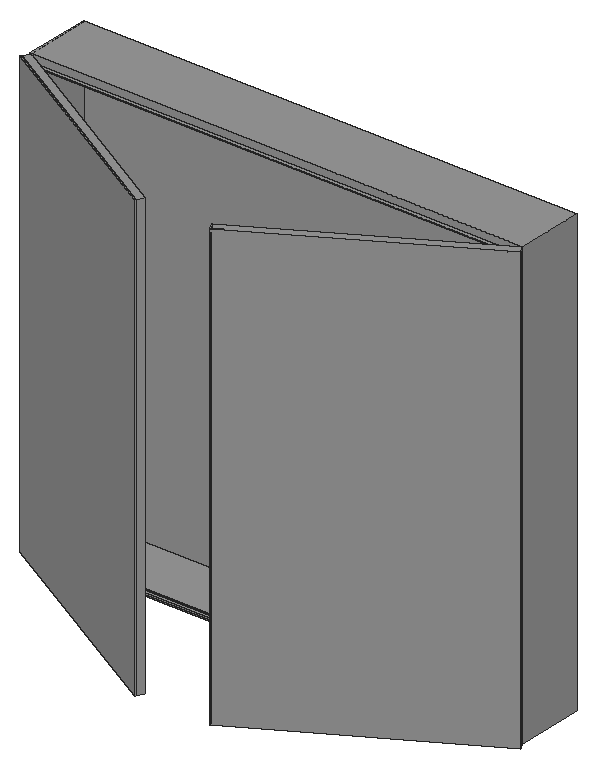
Revit family "Hager-Univers-IP44-D161-H950-Cl.II-FWQ_encl_QS-NoHosted-AT-de", category Equipement électrique, Revit 2020
Family settings
  Configuration du panneau = Deux colonnes, circuits au sein
  Cote de connecteur circulaire = Utiliser le diamètre
  Type d'élément = Tableau de raccordement
  Basée sur le plan de construction = Oui
  Toujours verticalement = Oui
  Couper avec des vides une fois chargée = Non
  Partagée = Non
  Point de calcul de pièce = Non
Parameters (values of type "Aufputz IP44 B1050 H950 T161  - FWQ64N")
  Width Control [instance] = if([EF000008 - Breite] > Min Width, [EF000008 - Breite], Min Width)  # 1050 mm
  Commentaires du type = [HG000003 - Bereich]  # "Univers"
  Thickness Door [instance] = if([EF009171 - Materialstärke Tür/Deckel] > 3 mm, 3 mm, [EF009171 - Materialstärke Tür/Deckel])  # 2 mm
  Seal Frame Offset [instance] = 17 mm  # constant formula
  Plinth Visibility [instance] = [HG000027 - Sockelhöhe] > 0 mm  # no
  Min Width [instance] = 100 mm  # constant formula
  Min Depth [instance] = (2 * [EF009170 - Materialstärke Gehäuse]) + 1 mm  # 5 mm
  Min Height [instance] = 100 mm  # constant formula
  Internal Frame Depth [instance] = (Door System Depth * 0.5)  # 9 mm
  Panel Name [instance] = ""  # (empty or 0)
  Model = ""
  HG000027 - Sockelhöhe = 0 mm
  HG000026 - Stehend auf dem Boden = no
  HG000024 - Höhe des unteren Teils = 600 mm
  HG000023 - Gehäuse mit doppeltem Querschnitt = no
  HG000016 - 3D-Türsichtbarkeit [instance] = yes
  HG000015 - Sichtbarkeit der Türöffnung [instance] = no
  HG000014 - Tür rechts [instance] = yes
  HG000013 - Tür links [instance] = not([HG000014 - Tür rechts])  # no
  HG000012 - Türschwenkwinkel [instance] = 30.00°
  HG000010 - Asymmetrische Türen = no
  HG000009 - Doppelflügeligen Tür = yes
  HG000006 - Unterputz = no
  HG000004 - Herstellerreferenz = "FWQ64N"
  HG000003 - Bereich = "Univers"
  HG000002 - Mit tür = yes
  Frame Offset Bottom [instance] = 10 mm  # constant formula
  Frame Offset [instance] = 15 mm  # constant formula
  EF015940 - Deckel mit Überdruckentlastung = no
  EF011959 - Schutzart (NEMA) = ""
  EF009554 - Anzahl der Öffnungen für Flanschplatten = 8
  EF009212 - Ausführung Deckel = "EV009916 - mit Ausschnitt"
  EF009171 - Materialstärke Tür/Deckel = 2 mm
  EF009170 - Materialstärke Gehäuse = 2 mm
  EF008873 - Nennstrom (In) = 125 A
  EF007800 - Geeignet für Blitzschutz = no
  EF006306 - Mit Schloss = no
  EF006244 - Transparenter Deckel/Tür = no
  EF005474 - Schutzart (IP) = "EV006418 - IP44"
  EF004464 - Art der Tür = "EV002646 - Einzel"
  EF004427 - Anzahl der Module = 192
  EF004293 - Schlagfestigkeit = "EV006815 - IK09"
  EF003532 - Geeignet für Außengebrauch = no
  EF002950 - Breite in Teilungseinheiten = 48
  EF001613 - Funktionserhalt = "EV000494 - ohne"
  EF001596 - Werkstoff des Gehäuses = "EV000179 - Stahl"
  EF001131 - Innentiefe = 161 mm
  EF001088 - Anbaumöglichkeit = yes
  EF000437 - Anzahl der Leitungseinführungen = 16
  EF000339 - Art der Abdeckung = "EV001012 - Deckel"
  EF000266 - Anzahl der Reihen = 4
  EF000218 - Einbautiefe = 0 mm
  EF000118 - Mit Montageplatte = yes
  EF000116 - RAL-Nummer = "9010"
  EF000049 - Tiefe = 161 mm
  EF000040 - Höhe = 950 mm
  EF000008 - Breite = 1050 mm
  EF000007 - Farbe = "EV000202 - weiß"
  EF000003 - Montageart = "EV000384 - Aufputz"
  Door System Leaf Tolerance [instance] = 1.5 mm  # constant formula
  Door System Depth [instance] = 18 mm  # constant formula
  Door Height [instance] = Height Control - [HG000027 - Sockelhöhe]  # 950 mm
  Description = ""
  Default Elevation = 1219.2 mm
  Connector Offset [instance] = Height Control / 2  # 475 mm
  Fabricant = "Hager"  # constant formula
  Height Control [instance] = if([EF000040 - Höhe] > Min Height, [EF000040 - Höhe], Min Height)  # 950 mm
  Depth Control [instance] = if([EF000049 - Tiefe] > Min Depth, [EF000049 - Tiefe], Min Depth)  # 161 mm
  Bottom Top Plate Trim [instance] = 1.5 mm  # constant formula
  Plinth height Ctrl [instance] = if([HG000027 - Sockelhöhe] > 0 mm, [HG000027 - Sockelhöhe], 12 mm)  # 12 mm
Reference planes
  plane 1 "Center (Front/Back)": y = 0
  plane 2: z = 0
  plane 3 "Center (Left/Right)": x = 0
  plane 4: y = 0
  plane 5: y = 0
  plane 6: z = 0
  plane 7: x = -525
  plane 8: x = 525
  plane 9: x = 523
  plane 10: x = -523
  plane 11: z = 0
  plane 12: z = 2
  plane 13: y = -161
  plane 14: y = -2
  plane 15: x = 0
  plane 16: y = -143
  plane 17: y = -159
  plane 18: y = -141
  plane 19: x = -508
  plane 20: x = 508
  plane 21: z = 12
  plane 22: x = -508
  plane 23: x = 508
  plane 24: z = 0
  plane 25: z = 950
  plane 26: z = 950
  plane 27: z = 933
  plane 28: z = 948
Forms (mm)
  Extrusion 1, solid, material "Hager_Steel_RAL7035_Light_Grey", detail levels medium+fine
    sketch origin (-208.679, -4572, 0) x (-1, 0, 0) y (0, -1, 0)
      loop
        line (316.321, -4429) -> (-733.679, -4429) -> (-733.679, -4572) -> (316.321, -4572) -> (316.321, -4429)
    from 0 to 950
  Extrusion 2, void
    sketch origin (-350.771, -161, 1219.2) x (1, 0, 0) y (0, 0, 1)
      loop
        line (-172.229, -271.2) -> (-172.229, -1217.2) -> (873.771, -1217.2) -> (873.771, -271.2) -> (-172.229, -271.2)
    from -20 to -159
  Extrusion 3, void
    sketch origin (-290.084, -143, 1219.2) x (1, 0, 0) y (0, 0, 1)
      loop
        line (-217.916, -1207.2) -> (798.084, -1207.2) -> (798.084, -286.2) -> (-217.916, -286.2) -> (-217.916, -1207.2)
    from 0 to -2
  Extrusion 4, solid, material "Hager_Steel_RAL7035_Light_Grey", visible <- "Plinth Visibility", detail levels medium+fine
    sketch origin (0, 0, 0) x (1, 0, 0) y (0, 1, 0)
      loop
        line (-525, 0) -> (-525, -143) -> (525, -143) -> (525, 0) -> (-525, 0)
    from 0 to 12 <- "Plinth height Ctrl"
  Extrusion 5, solid, material "Hager_Steel_RAL7035_Light_Grey", detail levels coarse
    sketch origin (0, 0, 0) x (1, 0, 0) y (0, 1, 0)
      loop
        line (-525, 0) -> (-525, -161) -> (525, -161) -> (525, 0) -> (-525, 0)
    from 0 to 950 <- "Height Control"
  Sweep 6, void
    path in 3D
      loop
        line (-525, -143, 12) -> (525, -143, 12) -> (525, 0, 12) -> (-525, 0, 12) -> (-525, -143, 12)
    profile origin (-525, -71.5, 12) x (1, 0, 0) y (0, 0, 1)
      loop
        line (0, 0) -> (0, -1.5) -> (1.5, -1.5)
        arc (1.5, -1.5) -> (1.061, -0.439) -> (0, 0) r 1.5
  Extrusion 7, solid, material "Hager_Steel_RAL7035_Light_Grey", detail levels fine
    sketch origin (-525, -143, 0) x (1, 0, 0) y (0, 0, 1)
      loop
        line (17, 12) -> (1033, 12) -> (1033, 933) -> (17, 933) -> (17, 12)
      loop
        line (15, 10) -> (1035, 10) -> (1035, 935) -> (15, 935) -> (15, 10)
    from 0 to 9 <- "Internal Frame Depth"
Cuts and joins
  Extrusion 2, Extrusion 3 cuts Extrusion 1
  Sweep 6 cuts Extrusion 4
Lines and regions (mm)
  Masking region 1
    outline origin (0, 0, 0) x (1, 0, 0) y (0, 1, 0)
      loop
        line (-525, 0) -> (-525, -161) -> (525, -161) -> (525, 0) -> (-525, 0)
  Masking region 2, detail levels coarse
    outline origin (-290.084, -143, 1219.2) x (-1, 0, 0) y (0, 0, 1)
      loop
        line (-815.084, -1219.2) -> (234.916, -1219.2) -> (234.916, -269.2) -> (-815.084, -269.2) -> (-815.084, -1219.2)
  Masking region 3, detail levels coarse
    outline origin (0, 0, 0) x (0, 1, 0) y (0, 0, 1)
      loop
        line (0, 0) -> (0, 950) -> (-161, 950) -> (-161, 0) -> (0, 0)
  Masking region 4, visible <- "Plinth Visibility", detail levels medium+fine
    outline origin (0, 0, 0) x (0, 1, 0) y (0, 0, 1)
      loop
        line (-1.5, 12) -> (-141.5, 12)
        arc (-141.5, 12) -> (-141.939, 10.939) -> (-143, 10.5) r 1.5
        line (-143, 10.5) -> (-143, 0) -> (0, 0) -> (0, 10.5)
        arc (0, 10.5) -> (-1.061, 10.939) -> (-1.5, 12) r 1.5
  Masking region 5, detail levels medium+fine
    outline origin (0, 0, 594.038) x (0, 1, 0) y (0, 0, 1)
      loop
        line (0, -594.038) -> (0, 355.962) -> (-143, 355.962) -> (-143, -594.038) -> (0, -594.038)
  Masking region 6, detail levels medium+fine
    outline origin (-359.7, -143, 1211.883) x (-1, 0, 0) y (0, 0, 1)
      loop
        line (-884.7, -1211.883) -> (165.3, -1211.883) -> (165.3, -261.883) -> (-884.7, -261.883) -> (-884.7, -1211.883)
  Masking region 7, visible <- "Plinth Visibility", detail levels medium+fine
    outline origin (-320.334, -143, 1041.368) x (-1, 0, 0) y (0, 0, 1)
      loop
        line (-845.334, -1041.368) -> (204.666, -1041.368) -> (204.666, -1030.868)
        arc (204.666, -1030.868) -> (203.606, -1030.429) -> (203.166, -1029.368) r 1.5
        line (203.166, -1029.368) -> (-843.834, -1029.368)
        arc (-843.834, -1029.368) -> (-844.273, -1030.429) -> (-845.334, -1030.868) r 1.5
        line (-845.334, -1030.868) -> (-845.334, -1041.368)
  sketch lines
    curve 1: line (-525, 0, 12) -> (-525, -143, 12)
    curve 2: line (-525, -143, 12) -> (525, -143, 12)
    curve 3: line (525, 0, 12) -> (-525, 0, 12)
    curve 4: line (525, -143, 12) -> (525, 0, 12)
Dimensions and locks
  locked: plane 1 "Center (Front/Back)" to plane 5
  "EF009170 - Materialstärke Gehäuse": plane 7 to plane 10
  "EF009170 - Materialstärke Gehäuse": plane 8 to plane 9
  equal spacing: plane 7, plane 3 "Center (Left/Right)", plane 8
  "Width Control": plane 7 to plane 8
  "Depth Control": plane 4 to plane 13
  "EF009170 - Materialstärke Gehäuse": plane 4 to plane 14
  "Height Control": plane 25 to level
  "HG000027 - Sockelhöhe": plane 11 to level
  "EF009170 - Materialstärke Gehäuse": plane 12 to plane 11
  "EF009170 - Materialstärke Gehäuse": plane 17 to plane 13
  "EF009170 - Materialstärke Gehäuse": plane 18 to plane 16
  "Frame Offset Bottom": plane 21 to plane 12
  "Frame Offset": plane 10 to plane 19
  "Frame Offset": plane 9 to plane 20
  "Door System Depth": plane 16 to plane 13
  "Seal Frame Offset": plane 7 to plane 22
  "Seal Frame Offset": plane 8 to plane 23
  "EF009170 - Materialstärke Gehäuse": plane 26 to plane 28
  "Frame Offset": plane 28 to plane 27
  "Connector Offset": plane 2 to connector elem
  "Bottom Top Plate Trim": profile plane to Sweep 6 sketch curve
  "Bottom Top Plate Trim": Sweep 6 sketch curve to Sweep 6 sketch curve
  "Plinth height Ctrl": Masking region 4 sketch curve to level
  "Plinth height Ctrl": Masking region 7 sketch curve to level
  "Thickness Door": Extrusion 7 sketch curve to Extrusion 7 sketch curve  (x4)
  "Bottom Top Plate Trim": radius of Sweep 6 sketch curve
  "Bottom Top Plate Trim": radius of Masking region 4 sketch curve  (x2)
  "Bottom Top Plate Trim": radius of Masking region 7 sketch curve  (x2)
  aligned and locked: Extrusion 2 sketch curve to plane 12
  aligned and locked: Extrusion 2 sketch curve to plane 9
  aligned and locked: Extrusion 2 sketch curve to plane 10
  aligned and locked: Extrusion 2 to plane 14
  aligned and locked: Extrusion 1 sketch curve to plane 4
  aligned and locked: plane 8 to Extrusion 1 sketch curve
  aligned and locked: plane 7 to Extrusion 1 sketch curve
  aligned and locked: Extrusion 2 to plane 18
  aligned and locked: Extrusion 3 sketch curve to plane 19
  aligned and locked: plane 20 to Extrusion 3 sketch curve
  aligned and locked: Extrusion 3 to Extrusion 2
  aligned and locked: Extrusion 3 sketch curve to plane 21
  aligned and locked: plane 3 "Center (Left/Right)" to nested 1
  aligned and locked: Extrusion 1 sketch curve to plane 16
  aligned and locked: Extrusion 4 sketch curve to cut or joined group of Extrusion 1, Extrusion 2, Extrusion 3
  aligned and locked: Masking region 1 sketch curve to plane 7
  aligned and locked: Masking region 1 sketch curve to plane 5
  aligned and locked: Masking region 1 sketch curve to plane 8
  aligned and locked: Masking region 2 sketch curve to level
  aligned and locked: level to Masking region 3 sketch curve
  aligned and locked: plane 1 "Center (Front/Back)" to Masking region 3 sketch curve
  aligned and locked: plane 13 to Masking region 3 sketch curve
  aligned and locked: plane 5 to Masking region 4 sketch curve
  aligned and locked: Masking region 2 sketch curve to plane 8
  aligned and locked: Masking region 2 sketch curve to plane 7
  aligned and locked: plane 7 to nested 2
  aligned and locked: nested 2 to plane 5
  aligned and locked: plane 5 to Masking region 5 sketch curve
  aligned and locked: plane 26 to Masking region 5 sketch curve
  aligned and locked: Extrusion 5 sketch curve to plane 8
  aligned and locked: Extrusion 5 sketch curve to plane 7
  aligned and locked: Extrusion 5 sketch curve to plane 5
  aligned and locked: Extrusion 3 sketch curve to plane 27
  aligned and locked: Extrusion 2 sketch curve to plane 28
  aligned and locked: Masking region 2 to plane 25
  aligned and locked: Extrusion 4 to plane 16
  aligned and locked: profile plane to Sweep 6 sketch curve
  aligned and locked: Masking region 5 sketch curve to plane 24
  aligned and locked: level to Masking region 4 sketch curve
  aligned and locked: Masking region 1 to plane 13
  aligned and locked: nested 1 to plane 16
  aligned and locked: Masking region 3 to plane 25
  aligned and locked: plane 16 to Masking region 4 sketch curve
  aligned and locked: Masking region 5 sketch curve to plane 16
  aligned and locked: plane 24 to plane 11
  aligned and locked: plane 26 to plane 25
  aligned and locked: plane 26 to cut or joined group of Extrusion 1, Extrusion 2, Extrusion 3
  aligned and locked: nested 1 to plane 24
  aligned and locked: Extrusion 1 to Extrusion 3
  aligned and locked: Masking region 6 sketch curve to plane 8
  aligned and locked: Masking region 6 sketch curve to plane 24
  aligned and locked: Masking region 6 sketch curve to plane 7
  aligned and locked: Masking region 6 sketch curve to plane 26
  aligned and locked: Masking region 7 sketch curve to plane 7
  aligned and locked: level to Masking region 7 sketch curve
  aligned and locked: Masking region 7 sketch curve to plane 8
  aligned and locked: Extrusion 7 sketch curve to cut or joined group of Extrusion 1, Extrusion 2, Extrusion 3  (x4)
Automatic sketch dimensions
  plane 19 to Extrusion 3 sketch curve = 0 mm
  Extrusion 3 sketch curve to plane 20 = 0 mm
  Extrusion 3 sketch curve to plane 21 = 0 mm
  Extrusion 4 sketch curve to plane 7 = 0 mm
  Extrusion 4 sketch curve to plane 8 = 0 mm
  Extrusion 4 sketch curve to plane 16 = 0 mm
  Masking region 1 sketch curve to plane 13 = 0 mm
  Masking region 2 sketch curve to plane 25 = 0 mm
  Masking region 3 sketch curve to plane 25 = 0 mm
  Extrusion 5 sketch curve to plane 13 = 0 mm
  profile plane to Sweep 6 sketch curve = 0 mm
Nested families
  nested 1: "EC000058_Univers_Door" at (0, -143, 0), Double <- "HG000009 - Doppelflügeligen Tür", Transparent <- "EF006244 - Transparenter Deckel/Tür", Angle <- "HG000012 - Türschwenkwinkel", Door_Right <- "HG000014 - Tür rechts", Assymetrical <- "HG000010 - Asymmetrische Türen", Door <- "HG000002 - Mit tür", Width_Ctrl <- "Width Control", 3d_Door <- "HG000016 - 3D-Türsichtbarkeit", Clearance <- "HG000015 - Sichtbarkeit der Türöffnung", Door_Left <- "HG000013 - Tür links", Width <- "Width Control", Door_Depth <- "Door System Depth", Leaf_Tolerance <- "Door System Leaf Tolerance", Height <- "Door Height", Lock_Visibility <- "EF006306 - Mit Schloss", Thickness <- "Thickness Door", type "EC000058_Univers_Door", detail levels medium+fine
    with min_wh 5 mm, Width_Ctrl 1050 mm, Width 1050 mm, Transparent no, Thickness 2 mm, Seal_Material Hager_Rubber, Lock_Visibility no, Lock_Material Hager_Plastic_RAL9005_Jet_Black, Leaf_Width 1050 mm, Leaf_Tolerance_External_Sides 0 mm, Leaf_Tolerance 1.5 mm, Leaf_Offset 0 mm, Leaf_Height 947 mm, Leaf_2_Width 523.5 mm, Leaf_2_Offset 262.5 mm, Leaf_1_Width 523.5 mm, Leaf_1_Offset 262.5 mm, Height_Ctrl 950 mm, Height 950 mm, Glass_Material Hager_Glass, Double_Clearance_Ctrl no, Double yes, Door_Right_Ctrl yes, Door_Right yes, Door_Material Hager_Steel_RAL7035_Light_Grey, Door_Left_Ctrl yes, Door_Left no, Door_Depth 18 mm, Door yes, Clearance_Material Hager_Clearance, Clearance_Depth 523.5 mm, Clearance_Ctrl no, Clearance no, Assymetrical no, Angle 30.00°, 3d_Door yes
  nested 2: "Hager_Enclosure_Symbol" at (-525, 0, 0), Height <- "Depth Control", Width <- "Width Control", type "Hager_Enclosure_Symbol"
    with Width_Ctrl 1050 mm, Width 1050 mm, Height_Ctrl 161 mm, Height 161 mm, A_Width_Int 10.566 mm, A_Width 126.788 mm, A_Height_Ctrl 140.875 mm, A_Height 140.875 mm
Connectors
  electrical at (0, 0, 475)
    settings: on plane 1 "Center (Front/Back)", index 1, voltage 0 V, apparent load 0 VA, apparent load phase1 0 VA, apparent load phase2 0 VA, apparent load phase3 0 VA, power factor 1, load classification "Other", number of poles 1, system type 30, power factor state 1, is connector primary yes, connector utility no, sub classification motor no, connector description ""
Definition of nested family "EC000058_Univers_Door"
  Parameters (values of type "EC000058_Univers_Door")
    min_wh [instance] = (2 * Thickness) + 1 mm  # 11 mm
    Width_Ctrl [instance] = 400 mm
    Width [instance] = 500 mm
    Transparent [instance] = yes
    Thickness [instance] = 5 mm
    Seal_Material [instance] = none
    Lock_Visibility [instance] = yes
    Lock_Material [instance] = none
    Leaf_Width [instance] = if((Width_Ctrl - 2 * Leaf_Tolerance_External_Sides) > 0 mm, (Width_Ctrl - 2 * Leaf_Tolerance_External_Sides), min_wh)  # 400 mm
    Leaf_Tolerance_External_Sides [instance] = 0 mm  # constant formula
    Leaf_Tolerance [instance] = 1.5 mm
    Leaf_Offset [instance] = 0 mm  # constant formula
    Leaf_Height [instance] = if((Height_Ctrl - 2 * Leaf_Tolerance) > 0 mm, (Height_Ctrl - 2 * Leaf_Tolerance), min_wh)  # 497 mm
    Leaf_2_Width [instance] = if(and(and(Double, Assymetrical), Door_Left), (Leaf_Width / 3) - (Leaf_Tolerance / 2), if(and(and(Double, Assymetrical), Door_Right), (Leaf_Width / 3) * 2 - (Leaf_Tolerance / 2), if(and(Double, not(Assymetrical)), (Leaf_Width / 2) - Leaf_Tolerance, Leaf_Width)))  # 400 mm
    Leaf_2_Offset [instance] = if(and(Double, Assymetrical), Leaf_2_Width / 2, if(and(Double, not(Assymetrical)), Leaf_Width / 4, Leaf_Width / 2))  # 200 mm
    Leaf_1_Width [instance] = if(and(and(Double, Assymetrical), Door_Right), (Leaf_Width / 3) - (Leaf_Tolerance / 2), if(and(and(Double, Assymetrical), Door_Left), (Width / 3) * 2 - (Leaf_Tolerance / 2), if(and(Double, not(Assymetrical)), (Leaf_Width / 2) - Leaf_Tolerance, Leaf_Width)))  # 400 mm
    Leaf_1_Offset [instance] = if(and(Double, Assymetrical), Leaf_1_Width / 2, if(and(Double, not(Assymetrical)), Leaf_Width / 4, Leaf_Width / 2))  # 200 mm
    Height_Ctrl [instance] = if(Height > min_wh, Height, min_wh)  # 500 mm
    Height [instance] = 500 mm
    Glass_Material [instance] = none
    Double_Clearance_Ctrl [instance] = and(Double, Clearance)  # no
    Double [instance] = no
    Door_Right_Ctrl [instance] = and(or(Door_Right, Double), Door)  # yes
    Door_Right [instance] = yes
    Door_Material [instance] = none
    Door_Left_Ctrl [instance] = and(or(Door_Left, Double), Door)  # no
    Door_Left [instance] = no
    Door_Depth [instance] = 30 mm
    Door [instance] = yes
    Default Elevation = 1219.2 mm
    Clearance_Material [instance] = none
    Clearance_Depth [instance] = if(Leaf_1_Width > Leaf_2_Width, Leaf_1_Width, Leaf_2_Width)  # 400 mm
    Clearance_Ctrl [instance] = and(not(Double), Clearance)  # yes
    Clearance [instance] = yes
    Assymetrical [instance] = yes
    Angle [instance] = 30.00°
    3d_Door [instance] = yes
  Reference planes
    plane 1 "Center (Front/Back)": y = 0
    plane 2 "Bottom": z = 0
    plane 3 "Center (Left/Right)": x = 0
    plane 4: z = 500
    plane 5: x = -200
    plane 6: x = 200
    plane 7: z = 500
    plane 8: x = -200
    plane 9: z = 0
    plane 10: x = 200
    plane 11: y = 0
    plane 12: z = 1.5
    plane 13: x = -600
    plane 14: y = -400
    plane 15: x = 600
    plane 16: x = 0
    plane 17: x = 0
    plane 18: x = -200
    plane 19: x = 200
    plane 20: z = 498.5
  Forms (mm)
    Extrusion 1, solid, material <- "Clearance_Material", visible <- "Double_Clearance_Ctrl"
      sketch origin (1200, 0, 0) x (1, 0, 0) y (0, 0, -1)
        loop
          line (-1800, -498.5) -> (-600, -498.5) -> (-600, 0) -> (-1800, 0) -> (-1800, -498.5)
      from 0 to -400
  Dimensions and locks
    equal spacing: plane 5, plane 3 "Center (Left/Right)", plane 6
    "Width_Ctrl": plane 5 to plane 6
    "Leaf_Offset": plane 5 to plane 8
    "Leaf_Offset": plane 6 to plane 10
    "Leaf_Offset": plane 9 to level
    "Leaf_Offset": plane 4 to plane 7
    "Height_Ctrl": plane 4 to level
    "Leaf_Tolerance": plane 12 to plane 9
    locked: plane 11 to plane 1 "Center (Front/Back)"
    "Leaf_1_Offset": plane 18 to plane 16
    "Leaf_2_Offset": plane 17 to plane 19
    "Leaf_1_Width": plane 13 to plane 8
    "Leaf_2_Width": plane 10 to plane 15
    "Clearance_Depth": plane 14 to plane 1 "Center (Front/Back)"
    "Leaf_Tolerance_External_Sides": plane 8 to plane 18
    "Leaf_Tolerance_External_Sides": plane 19 to plane 10
    "Leaf_Tolerance": plane 7 to plane 20
    aligned and locked: level to plane 2 "Bottom"
    aligned and locked: nested 1 to plane 16
    aligned and locked: nested 2 to plane 17
    aligned and locked: Extrusion 1 to plane 13
    aligned and locked: plane 15 to Extrusion 1
    aligned and locked: Extrusion 1 to plane 14
    aligned and locked: plane 12 to nested 1
    aligned and locked: nested 2 to plane 12
    aligned and locked: Extrusion 1 to plane 11
    aligned and locked: plane 20 to Extrusion 1
    aligned and locked: nested 2 to plane 11
    aligned and locked: nested 1 to plane 11
  Automatic sketch dimensions
    Extrusion 1 sketch curve to level = 0 mm
    plane 5 to Extrusion 1 sketch curve = 400 mm
    plane 6 to Extrusion 1 sketch curve = 400 mm
    Extrusion 1 sketch curve to plane 4 = 1.5 mm
  Nested families
    nested 1: "EC000058_Univers_Door_Leaf" at (0, 0, 1.5), Width <- "Leaf_1_Width", visible <- "Door_Left_Ctrl", Leaf_Height <- "Leaf_Height", Angle <- "Angle", 3d_Door <- "3d_Door", Transparent <- "Transparent", Clearance Material <- "Clearance_Material", Clearance <- "Clearance_Ctrl", Door_Material <- "Door_Material", Glass_Material <- "Glass_Material", Door_Depth <- "Door_Depth", Lock_Material <- "Lock_Material", Seal_Material <- "Seal_Material", Lock_Visibility <- "Lock_Visibility", Thickness <- "Thickness", type "EC000058_Univers_Door_Leaf"
      with Width 400 mm, Transparent_Glass_Offset 30 mm, Transparent_Ctrl yes, Transparent yes, Thickness 5 mm, Standard no, Seal_Material none, Seal_D2 8 mm, Seal_D1 1 mm, Offset_Internal_Frame 10 mm, Lock_Width 20 mm, Lock_Visibility_3d yes, Lock_Visibility yes, Lock_Thickness_3 3 mm, Lock_Thickness_2 1 mm, Lock_Thickness_1 3 mm, Lock_Radius_Offset_2 16 mm, Lock_Radius_Offset_1 15 mm, Lock_Radius_2 5 mm, Lock_Radius 6 mm, Lock_Offset 5 mm, Lock_Material none, Lock_Height 80 mm, Lock_Cover_Top_Offset_2d 17 mm, Lock_Cover_Height -65 mm, Leaf_Height 497 mm, Internal_Seal_Thickness 8 mm, Internal_Seal_Depth_2 4.5 mm, Internal_Frame_Depth 25 mm, Glass_Thickness -1 mm, Glass_Offset -2 mm, Glass_Material none, Door_Material none, Door_Depth 30 mm, Clearance Material none, Clearance yes, Angle_Ctrl 30.00°, Angle 30.00°, 3d_Door yes
    nested 2: "EC000058_Univers_Door_Leaf" at (0, 0, 1.5) x (-1, 0, 0) z (0, 0, 1), Width <- "Leaf_2_Width", visible <- "Door_Right_Ctrl", Leaf_Height <- "Leaf_Height", Angle <- "Angle", 3d_Door <- "3d_Door", Transparent <- "Transparent", Clearance Material <- "Clearance_Material", Clearance <- "Clearance_Ctrl", Door_Material <- "Door_Material", Glass_Material <- "Glass_Material", Door_Depth <- "Door_Depth", Lock_Material <- "Lock_Material", Seal_Material <- "Seal_Material", Lock_Visibility <- "Lock_Visibility", Thickness <- "Thickness", type "EC000058_Univers_Door_Leaf"
      with Width 400 mm, Transparent_Glass_Offset 30 mm, Transparent_Ctrl yes, Transparent yes, Thickness 5 mm, Standard no, Seal_Material none, Seal_D2 8 mm, Seal_D1 1 mm, Offset_Internal_Frame 10 mm, Lock_Width 20 mm, Lock_Visibility_3d yes, Lock_Visibility yes, Lock_Thickness_3 3 mm, Lock_Thickness_2 1 mm, Lock_Thickness_1 3 mm, Lock_Radius_Offset_2 16 mm, Lock_Radius_Offset_1 15 mm, Lock_Radius_2 5 mm, Lock_Radius 6 mm, Lock_Offset 5 mm, Lock_Material none, Lock_Height 80 mm, Lock_Cover_Top_Offset_2d 17 mm, Lock_Cover_Height -65 mm, Leaf_Height 497 mm, Internal_Seal_Thickness 8 mm, Internal_Seal_Depth_2 4.5 mm, Internal_Frame_Depth 25 mm, Glass_Thickness -1 mm, Glass_Offset -2 mm, Glass_Material none, Door_Material none, Door_Depth 30 mm, Clearance Material none, Clearance yes, Angle_Ctrl 30.00°, Angle 30.00°, 3d_Door yes
  Definition of nested family "EC000058_Univers_Door_Leaf"
    Parameters (values of type "EC000058_Univers_Door_Leaf")
      Width [instance] = 2000 mm
      Transparent_Glass_Offset [instance] = 30 mm
      Transparent_Ctrl [instance] = and(Transparent, [3d_Door])  # yes
      Transparent [instance] = yes
      Thickness [instance] = 5 mm
      Standard [instance] = and(not(Transparent), [3d_Door])  # no
      Seal_Material [instance] = none
      Seal_D2 [instance] = 8 mm  # constant formula
      Seal_D1 [instance] = 1 mm  # constant formula
      Offset_Internal_Frame [instance] = 10 mm  # constant formula
      Lock_Width [instance] = 20 mm  # constant formula
      Lock_Visibility_3d [instance] = and(Lock_Visibility, [3d_Door])  # yes
      Lock_Visibility [instance] = yes
      Lock_Thickness_3 [instance] = 3 mm  # constant formula
      Lock_Thickness_2 [instance] = 1 mm  # constant formula
      Lock_Thickness_1 [instance] = 3 mm  # constant formula
      Lock_Radius_Offset_2 [instance] = Lock_Radius_Offset_1 + 1 mm  # 16 mm
      Lock_Radius_Offset_1 [instance] = 15 mm  # constant formula
      Lock_Radius_2 [instance] = Lock_Radius - 1 mm  # 5 mm
      Lock_Radius [instance] = 6 mm  # constant formula
      Lock_Offset [instance] = 5 mm  # constant formula
      Lock_Material [instance] = none
      Lock_Height [instance] = 80 mm  # constant formula
      Lock_Cover_Top_Offset_2d [instance] = Lock_Radius_Offset_2 + 1 mm  # 17 mm
      Lock_Cover_Height [instance] = -(Lock_Height - Lock_Radius_Offset_1)  # -65 mm
      Leaf_Height [instance] = 2720.336 mm
      Internal_Seal_Thickness [instance] = 8 mm  # constant formula
      Internal_Seal_Depth_2 [instance] = 4.5 mm  # constant formula
      Internal_Frame_Depth [instance] = if(Door_Depth - Thickness > 5 mm, Door_Depth - Thickness, 5 mm)  # 25 mm
      Glass_Thickness [instance] = if(Thickness > 15 mm, Glass_Offset + 10 mm, -1 mm)  # -1 mm
      Glass_Offset [instance] = if(Thickness > 15 mm, -(Thickness + 10 mm) / 2, -2 mm)  # -2 mm
      Glass_Material [instance] = none
      Door_Material [instance] = none
      Door_Depth [instance] = 30 mm
      Default Elevation = 0 mm
      Clearance Material [instance] = none
      Clearance [instance] = yes
      Angle_Ctrl [instance] = if(Angle > 180.00°, 180.00°, Angle)  # 90.00°
      Angle [instance] = 90.00°
      3d_Door [instance] = yes
    Reference planes
      plane 1 "Center (Front/Back)": y = 0
      plane 2: z = 0
      plane 3 "Center (Left/Right)": x = 0
      plane 4: y = 2000
      plane 5: x = -1000
      plane 6: x = 1000
      plane 7: x = -3000
      plane 8: z = 2720.336
      plane 9: z = 30
      plane 10: z = 2690.336
      plane 11: x = 970
      plane 12: x = -970
      plane 13: y = -3
      plane 14: z = 107.833
      plane 15: y = -5
      plane 16: y = -223.314
      plane 17: x = -1000
      plane 18: z = 1360.168
      plane 19: y = 30
    Forms (mm)
      Extrusion 1, solid, material <- "Clearance Material", visible <- "Clearance"
        sketch origin (0, 0, 0) x (1, 0, 0) y (0, 0, 1)
          loop
            line (-3000, 2720.336) -> (-3000, 0) -> (1000, 0) -> (1000, 2720.336) -> (-3000, 2720.336)
        from 0 to -2000
      Extrusion 2, solid, material <- "Door_Material", visible <- "Standard", detail levels medium+fine
        sketch origin (-1000, 0, 0) x (0, 1, 0) y (-1, 0, 0)
          loop
            line (0, 30) -> (0, 25) -> (2000, 25) -> (2000, 30) -> (0, 30)
        from 0 to 2720.336 <- "Leaf_Height"
      Extrusion 3, solid, material <- "Door_Material", visible <- "Transparent_Ctrl", detail levels medium+fine
        sketch origin (-1000, 0, 0) x (0, 1, 0) y (-1, 0, 0)
          loop
            line (0, 25) -> (2000, 25) -> (2000, 30) -> (0, 30) -> (0, 25)
        from 0 to 2720.336 <- "Leaf_Height"
      Extrusion 4, void
        sketch origin (-1025, 2000, 0) x (0, 1, 0) y (0, 0, -1)
          loop
            line (-30, -2690.336) -> (-30, -30) -> (-1970, -30) -> (-1970, -2690.336) -> (-30, -2690.336)
        from 0 to 5 <- "Thickness"
      Sweep 5, solid, material <- "Seal_Material", visible <- "Transparent_Ctrl", detail levels fine
        path in 3D
          loop
            line (-1025, 30, 30) -> (-1025, 30, 2690.336) -> (-1025, 1970, 2690.336) -> (-1025, 1970, 30) -> (-1025, 30, 30)
        profile origin (-1025, 1000, 30) x (1, 0, 0) y (0, 0, 1)
          loop
            line (0, 0) -> (0, -8) -> (1, -8) -> (1, 0) -> (0, 0)
      Extrusion 6, solid, material <- "Glass_Material", visible <- "Transparent_Ctrl", detail levels medium+fine
        sketch origin (-1030, 0, 0) x (0, 1, 0) y (0, 0, -1)
          loop
            line (1970, -2690.336) -> (1970, -30) -> (30, -30) -> (30, -2690.336) -> (1970, -2690.336)
        from -2 <- "Glass_Offset" to -1 <- "Glass_Thickness"
      Extrusion 7, solid, material <- "Door_Material", visible <- "3d_Door", detail levels medium+fine
        sketch origin (-1025, 2000, 0) x (0, -1, 0) y (0, 0, -1)
          loop
            line (0, -2720.336) -> (2000, -2720.336) -> (2000, 0) -> (0, 0) -> (0, -2720.336)
          loop
            line (1995, -5) -> (5, -5) -> (5, -2715.336) -> (1995, -2715.336) -> (1995, -5)
        from 0 to 25 <- "Internal_Frame_Depth"
      Sweep 8, solid, material <- "Seal_Material", visible <- "Transparent_Ctrl", detail levels fine
        path in 3D
          loop
            line (-1025, 0, 0) -> (-1025, 2000, 0) -> (-1025, 2000, 2720.336) -> (-1025, 0, 2720.336) -> (-1025, 0, 0)
        profile origin (-1025, 0, 1360.168) x (1, 0, 0) y (0, 1, 0)
          loop
            line (0, 10) -> (2.975, 10)
            arc (2.975, 10) -> (4.053, 10.447) -> (4.5, 11.525) r 1.525
            line (4.5, 11.525) -> (4.5, 16.527)
            arc (4.5, 16.527) -> (4.069, 17.569) -> (3.027, 18) r 1.473
            line (3.027, 18) -> (0, 18) -> (0, 10)
      Extrusion 9, solid, material <- "Lock_Material", visible <- "Lock_Visibility_3d", detail levels fine
        sketch origin (-1030, 0, 0) x (0, 1, 0) y (0, 0, -1)
          loop
            arc (1993.5, -1400.168) -> (1994.561, -1399.729) -> (1995, -1398.668) r 1.5
            line (1995, -1398.668) -> (1995, -1320.168) -> (1975, -1320.168) -> (1975, -1398.668)
            arc (1975, -1398.668) -> (1975.439, -1399.729) -> (1976.5, -1400.168) r 1.5
            line (1976.5, -1400.168) -> (1993.5, -1400.168)
        from 3 <- "Lock_Thickness_1" to 0
      Blend 10, solid, material <- "Lock_Material", visible <- "Lock_Visibility_3d", detail levels fine
        base sketch origin (-1033, 0, 0) x (0, 1, 0) y (0, 0, -1)
          loop
            line (1975, -1320.168) -> (1975, -1398.668)
            arc (1975, -1398.668) -> (1975.439, -1399.729) -> (1976.5, -1400.168) r 1.5
            line (1976.5, -1400.168) -> (1993.5, -1400.168)
            arc (1993.5, -1400.168) -> (1994.561, -1399.729) -> (1995, -1398.668) r 1.5
            line (1995, -1398.668) -> (1995, -1320.168) -> (1975, -1320.168)
        top sketch origin (-1033, 0, 0) x (0, 1, 0) y (0, 0, -1)
          loop
            line (1976, -1320.168) -> (1976, -1398.668)
            arc (1976, -1398.668) -> (1976.146, -1399.022) -> (1976.5, -1399.168) r 0.5
            line (1976.5, -1399.168) -> (1993.5, -1399.168)
            arc (1993.5, -1399.168) -> (1993.854, -1399.022) -> (1994, -1398.668) r 0.5
            line (1994, -1398.668) -> (1994, -1320.168) -> (1976, -1320.168)
        from 0 to 1 <- "Lock_Thickness_2"
      Blend 11, solid, material <- "Lock_Material", visible <- "Lock_Visibility_3d", detail levels fine
        base sketch origin (-1034, 0, 0) x (0, 1, 0) y (0, 0, -1)
          loop
            line (1978, -1320.168) -> (1978, -1384.168)
            arc (1978, -1384.168) -> (1985, -1391.168) -> (1992, -1384.168) r 7
            line (1992, -1384.168) -> (1992, -1320.168) -> (1978, -1320.168)
        top sketch origin (-1034, 0, 0) x (0, 1, 0) y (0, 0, -1)
          loop
            line (1991, -1320.168) -> (1979, -1320.168) -> (1979, -1383.168)
            arc (1979, -1383.168) -> (1985, -1389.168) -> (1991, -1383.168) r 6
            line (1991, -1383.168) -> (1991, -1320.168)
        from 0 to 3 <- "Lock_Thickness_3"
      Extrusion 12, solid, material <- "Lock_Material", visible <- "Lock_Visibility_3d", detail levels fine
        sketch origin (-1030, 1975, 1320.168) x (1, 0, 0) y (0, -1, 0)
          loop
            line (-7, -19) -> (-7, -1) -> (0, -1) -> (0, 0) -> (-8, 0) -> (-8, -20) -> (0, -20) -> (0, -19) -> (-7, -19)
        from 0 to -65 <- "Lock_Cover_Height"
      Extrusion 13, void
        sketch origin (-1038, 1995, 1320.168) x (-1, 0, 0) y (0, 0, -1)
          loop
            line (-5, -65) -> (0, -65) -> (-5, -60) -> (-5, -65)
        from 0 to 20 <- "Lock_Width"
      Extrusion 14, void
        sketch origin (-1038, 1975, 1320.168) x (0, -1, 0) y (0, 0, -1)
          loop
            circle (-10, -15.995) r 6
          loop
            circle (-10, -15.995) r 5
        from 0 to 2
      Extrusion 15, solid, material <- "Lock_Material", visible <- "Lock_Visibility_3d", detail levels medium
        sketch origin (-1030, 0, 0) x (0, 1, 0) y (0, 0, -1)
          loop
            arc (1993.5, -1400.168) -> (1994.561, -1399.729) -> (1995, -1398.668) r 1.5
            line (1995, -1398.668) -> (1995, -1320.168) -> (1975, -1320.168) -> (1975, -1398.668)
            arc (1975, -1398.668) -> (1975.439, -1399.729) -> (1976.5, -1400.168) r 1.5
            line (1976.5, -1400.168) -> (1993.5, -1400.168)
        from 8 to 0
    Cuts and joins
      Extrusion 4 cuts Extrusion 3
      Extrusion 13, Extrusion 14 cuts Extrusion 9
      Extrusion 14 cuts Blend 11
      Extrusion 13, Extrusion 14 cuts Extrusion 12
      joined: Extrusion 9, Blend 10, Blend 11, Extrusion 12
      Extrusion 14 cuts Extrusion 15
    Lines and regions (mm)
      Masking region 1, visible <- "Lock_Visibility", detail levels fine
        outline origin (0, 0, 0) x (0, 1, 0) y (0, 0, 1)
          loop
            line (30, 1320.168) -> (33, 1320.168) -> (33, 1400.168) -> (30, 1400.168) -> (30, 1320.168)
      Masking region 2, visible <- "Lock_Visibility", detail levels fine
        outline origin (0, 3.143, 0) x (0, 1, 0) y (0, 0, 1)
          loop
            line (29.857, 1354.168) -> (30.857, 1354.168) -> (30.857, 1366.168) -> (29.857, 1366.168) -> (29.857, 1354.168)
      Masking region 3, detail levels medium+fine
        outline origin (0, 0, 0) x (0, 1, 0) y (0, 0, 1)
          loop
            line (0, 0) -> (30, 0) -> (30, 2720.336) -> (0, 2720.336) -> (0, 0)
      Masking region 4, detail levels medium+fine
        outline origin (0, 0, 0) x (1, 0, 0) y (0, 0, 1)
          loop
            line (-1000, 2720.336) -> (-1000, 0) -> (1000, 0) -> (1000, 2720.336) -> (-1000, 2720.336)
      Masking region 5, visible <- "Lock_Visibility", detail levels fine
        outline origin (-47.116, 0, 0) x (1, 0, 0) y (0, 0, 1)
          loop
            arc (1024.616, 1399.168) -> (1023.556, 1398.729) -> (1023.116, 1397.668) r 1.5
            line (1023.116, 1397.668) -> (1023.116, 1320.168) -> (1041.116, 1320.168) -> (1041.116, 1397.668)
            arc (1041.116, 1397.668) -> (1040.677, 1398.729) -> (1039.616, 1399.168) r 1.5
            line (1039.616, 1399.168) -> (1024.616, 1399.168)
      Masking region 6, visible <- "Lock_Visibility", detail levels medium+fine
        outline origin (-25, 0, 0) x (1, 0, 0) y (0, 0, 1)
          loop
            arc (1001.5, 1400.168) -> (1000.439, 1399.729) -> (1000, 1398.668) r 1.5
            line (1000, 1398.668) -> (1000, 1320.168) -> (1020, 1320.168) -> (1020, 1398.668)
            arc (1020, 1398.668) -> (1019.561, 1399.729) -> (1018.5, 1400.168) r 1.5
            line (1018.5, 1400.168) -> (1001.5, 1400.168)
      Masking region 7, visible <- "Lock_Visibility", detail levels fine
        outline origin (-73.735, 0, 0) x (1, 0, 0) y (0, 0, 1)
          loop
            line (1051.735, 1382.168) -> (1065.735, 1382.168) -> (1065.735, 1384.168)
            arc (1065.735, 1384.168) -> (1058.735, 1391.168) -> (1051.735, 1384.168) r 7
            line (1051.735, 1384.168) -> (1051.735, 1382.168)
      Masking region 8, visible <- "Lock_Visibility", detail levels fine
        outline origin (-73.735, 0, 0) x (1, 0, 0) y (0, 0, 1)
          loop
            line (1052.735, 1382.168) -> (1064.735, 1382.168) -> (1064.735, 1383.168)
            arc (1064.735, 1383.168) -> (1058.735, 1389.168) -> (1052.735, 1383.168) r 6
            line (1052.735, 1383.168) -> (1052.735, 1382.168)
      Masking region 9, visible <- "Lock_Visibility", detail levels fine
        outline origin (-25, 0, 0) x (1, 0, 0) y (0, 0, 1)
          loop
            line (1020, 1320.168) -> (1020, 1382.168) -> (1000, 1382.168) -> (1000, 1320.168) -> (1020, 1320.168)
      Masking region 10, detail levels medium+fine
        outline origin (0, 0, 0) x (1, 0, 0) y (0, 0, 1)
          loop
            circle (985, 1335.144) r 6
      Masking region 11, detail levels fine
        outline origin (0, 0, 0) x (1, 0, 0) y (0, 0, 1)
          loop
            circle (985, 1335.144) r 5
      Masking region 12, visible <- "Lock_Visibility", detail levels fine
        outline origin (0, 12.767, 0) x (0, 1, 0) y (0, 0, 1)
          loop
            line (20.233, 1320.168) -> (21.233, 1320.168) -> (21.233, 1399.168) -> (20.233, 1400.168) -> (20.233, 1320.168)
      Masking region 13, visible <- "Lock_Visibility", detail levels fine
        outline origin (0, 13.767, -10) x (0, 1, 0) y (0, 0, 1)
          loop
            line (20.233, 1330.168) -> (23.233, 1330.168) -> (23.233, 1399.168) -> (20.233, 1402.168) -> (20.233, 1330.168)
      Masking region 14, visible <- "Lock_Visibility", detail levels fine
        outline origin (0, 12.767, -10) x (0, 1, 0) y (0, 0, 1)
          loop
            line (20.233, 1330.168) -> (25.233, 1330.168) -> (25.233, 1399.305) -> (20.233, 1394.305) -> (20.233, 1330.168)
      Masking region 15, visible <- "Lock_Visibility", detail levels medium
        outline origin (0, 0, 0) x (0, 1, 0) y (0, 0, 1)
          loop
            line (30, 1320.168) -> (38, 1320.168) -> (38, 1400.168) -> (30, 1400.168) -> (30, 1320.168)
      Masking region 16, visible <- "Lock_Visibility", detail levels fine
        outline origin (-1000, 0, 0) x (0, 1, 0) y (-1, 0, 0)
          loop
            line (1975, 30) -> (1995, 30) -> (1995, 38) -> (1975, 38) -> (1975, 30)
          loop
            line (1979, 37) -> (1976, 37) -> (1976, 34) -> (1978, 34) -> (1979, 37)
          loop
            line (1994, 37) -> (1991, 37) -> (1992, 34) -> (1994, 34) -> (1994, 37)
      Masking region 17, visible <- "Lock_Visibility", detail levels medium
        outline origin (-1000, 0, 0) x (0, 1, 0) y (-1, 0, 0)
          loop
            line (1975, 30) -> (1995, 30) -> (1995, 38) -> (1975, 38) -> (1975, 30)
      symbolic lines
        curve 1: line (1000, 0, 0) -> (-3000, 0, 0)
        curve 2: arc (1000, 0, 0) -> (-1000, 2000, 0) -> (-3000, 0, 0) r 2000
        curve 4: line (-1030, 0, 0) -> (-1030, 2000, 0)
      reference lines
        curve 3: line (-1000, 0, 0) -> (-1000, 2000, 0)
      symbolic lines, detail levels medium+fine
        curve 5: line (-1030, 2000, 0) -> (-1025, 2000, 0)
        curve 7: line (-1025, 0, 0) -> (-1030, 0, 0)
        curve 8: line (-1025, 0, 0) -> (-1000, 0, 0)
        curve 9: line (-1000, 0, 0) -> (-1000, 2000, 0)
        curve 10: line (-1000, 2000, 0) -> (-1025, 2000, 0)
      symbolic lines, detail levels fine
        curve 6: line (-1025, 2000, 0) -> (-1025, 0, 0)
      sketch lines
        curve 11: line (-1025, 0, 2720.336) -> (-1025, 0, 0)
        curve 12: line (-1025, 2000, 0) -> (-1025, 0, 0)
        curve 13: line (-1025, 2000, 2720.336) -> (-1025, 2000, 0)
        curve 14: line (-1025, 0, 2720.336) -> (-1025, 2000, 2720.336)
        curve 15: line (-1025, 1970, 30) -> (-1025, 30, 30)
        curve 16: line (-1025, 30, 30) -> (-1025, 30, 2690.336)
        curve 17: line (-1025, 1970, 2690.336) -> (-1025, 1970, 30)
        curve 18: line (-1025, 30, 2690.336) -> (-1025, 1970, 2690.336)
      symbolic lines, visible <- "Transparent", detail levels medium+fine
        curve 19: line (-970, 0, 2690.336) -> (970, 0, 2690.336)
        curve 20: line (-970, 0, 30) -> (-970, 0, 2690.336)
        curve 21: line (970, 0, 30) -> (-970, 0, 30)
        curve 22: line (970, 0, 2690.336) -> (970, 0, 30)
    Dimensions and locks
      "Width": plane 1 "Center (Front/Back)" to plane 4
      equal spacing: plane 5, plane 3 "Center (Left/Right)", plane 6
      "Width": plane 5 to plane 6
      "Width": plane 7 to plane 5
      "Leaf_Height": plane 8 to level
      "Width": curve 5 to curve 3
      "Width": curve 3 to curve 3
      plane 8 to plane 10 = 30 mm
      plane 9 to level = 30 mm
      plane 12 to plane 5 = 30 mm
      plane 6 to plane 11 = 30 mm
      Extrusion 1 to Extrusion 4 sketch curve = 30 mm
      "Transparent_Glass_Offset": curve 3 to Extrusion 4 sketch curve
      "Transparent_Glass_Offset": Extrusion 4 sketch curve to cut or joined group of Extrusion 3, Extrusion 4  (x2)
      cut or joined group of Extrusion 3, Extrusion 4 to Extrusion 6 sketch curve = 30 mm
      "Transparent_Glass_Offset": cut or joined group of Extrusion 3, Extrusion 4 to Extrusion 4 sketch curve
      "Thickness": curve 6 to curve 4
      "Thickness": Extrusion 7 sketch curve to Extrusion 7 sketch curve  (x4)
      "Door_Depth": curve 4 to curve 3
      "Offset_Internal_Frame": profile plane to Sweep 8 sketch curve
      "Internal_Seal_Thickness": Sweep 8 sketch curve to Sweep 8 sketch curve
      "Internal_Seal_Depth_2": profile plane to Sweep 8 sketch curve
      "Seal_D1": profile plane to Sweep 5 sketch curve
      "Seal_D2": profile plane to Sweep 5 sketch curve
      "Thickness": Extrusion 2 sketch curve to Extrusion 2 sketch curve
      equal spacing: Extrusion 9 sketch curve, plane 18, Extrusion 9 sketch curve  (x2)
      equal spacing: Masking region 1 sketch curve, plane 18, Masking region 1 sketch curve
      "Lock_Height": Masking region 1 sketch curve to Masking region 1 sketch curve
      "Lock_Radius": Masking region 2 sketch curve to plane 18 to Masking region 2 sketch curve
      Masking region 2 sketch curve to Masking region 1 = 1 mm
      "Door_Depth": plane 19 to plane 1 "Center (Front/Back)"
      "Lock_Thickness_1": Masking region 1 sketch curve to plane 19
      "Lock_Width": Extrusion 9 sketch curve to Extrusion 9 sketch curve
      "Lock_Height": Extrusion 9 sketch curve to Extrusion 9 sketch curve
      "Lock_Offset": cut or joined group of Extrusion 3, Extrusion 4 to Extrusion 9 sketch curve
      equal spacing: plane 8, plane 18, level
      "Lock_Radius_Offset_1": Blend 11 sketch curve to Blend 10
      locked: Blend 10 to Blend 11 sketch curve at 2  (x2)
      locked: var sketch to Blend 11 sketch curve at 1  (x2)
      "Lock_Radius_Offset_2": Blend 11 sketch curve to Blend 10
      locked: Extrusion 12 sketch curve to Extrusion 12 sketch curve at 1  (x3)
      Masking region 6 sketch curve to Masking region 6 sketch curve = 80 mm
      "Lock_Height": Masking region 6 sketch curve to Masking region 6 sketch curve
      "Lock_Width": Masking region 6 sketch curve to Masking region 6 sketch curve
      locked: Masking region 6 to Masking region 5 sketch curve at 1  (x3)
      locked: Masking region 5 to Masking region 7 sketch curve at 2  (x2)
      "Lock_Radius_Offset_1": Masking region 5 to Masking region 7 sketch curve
      "Lock_Radius_Offset_2": Masking region 5 to Masking region 8 sketch curve
      locked: Masking region 7 to Masking region 8 sketch curve at 1  (x2)
      "Lock_Cover_Top_Offset_2d": Masking region 5 to Masking region 9 sketch curve
      equal spacing: Masking region 9, Masking region 10 sketch curve, Masking region 9
      equal spacing: Masking region 9, Masking region 11 sketch curve, Masking region 9
      Extrusion 15 sketch curve to Extrusion 15 sketch curve = 80 mm
      "Lock_Width": Extrusion 15 sketch curve to Extrusion 15 sketch curve
      "Lock_Height": Extrusion 15 sketch curve to Extrusion 15 sketch curve
      equal spacing: Extrusion 15 sketch curve, plane 18, Extrusion 15 sketch curve
      "Lock_Thickness_3": Masking region 13 sketch curve to Masking region 13 sketch curve
      "Lock_Height": Masking region 12 sketch curve to Masking region 12 sketch curve
      locked: Masking region 13 sketch curve to Masking region 1 at 8
      locked: Masking region 14 sketch curve to Masking region 13 at 1
      locked: Masking region 14 sketch curve to Masking region 1 at 10.863
      "Lock_Height": Masking region 15 sketch curve to Masking region 15 sketch curve
      "Lock_Offset": Extrusion 15 sketch curve to cut or joined group of Extrusion 3, Extrusion 4
      "Lock_Offset": plane 6 to Masking region 6 sketch curve
      radius of Sweep 8 sketch curve = 1.525 mm
      radius of Sweep 8 sketch curve = 1.473 mm
      radius of Extrusion 9 sketch curve = 1.5 mm  (x2)
      "Lock_Radius": radius of Extrusion 14 sketch curve
      "Lock_Radius_2": radius of Extrusion 14 sketch curve
      "Lock_Radius": radius of Masking region 10 sketch curve
      "Lock_Radius_2": radius of Masking region 11 sketch curve
      radius of Extrusion 15 sketch curve = 1.5 mm  (x2)
      "Angle_Ctrl": angle plane 1 "Center (Front/Back)" to curve 3
      locked: Masking region 12 sketch curve to Masking region 12 sketch curve (angle 45.00°)
      locked: Masking region 13 sketch curve to Masking region 13 sketch curve (angle 45.00°)
      locked: Masking region 14 sketch curve to Masking region 14 sketch curve (angle 45.00°)
      aligned and locked: level to plane 2
      aligned and locked: Extrusion 1 to curve 1
      aligned and locked: plane 6 to Extrusion 1
      aligned and locked: Extrusion 1 to plane 1 "Center (Front/Back)"
      aligned and locked: plane 4 to Extrusion 1
      aligned and locked: plane 8 to Extrusion 1
      aligned and locked: curve 7 to Extrusion 2 sketch curve
      aligned and locked: curve 5 to Extrusion 2 sketch curve
      aligned and locked: curve 7 to Extrusion 3 sketch curve
      aligned and locked: Extrusion 3 sketch curve to curve 4
      aligned and locked: Extrusion 3 sketch curve to curve 6
      aligned and locked: Extrusion 3 sketch curve to curve 5
      aligned and locked: curve 9 to curve 3
      aligned and locked: Extrusion 7 sketch curve to cut or joined group of Extrusion 3, Extrusion 4  (x4)
      aligned and locked: plane 17 to curve 3
      aligned and locked: plane 1 "Center (Front/Back)" to curve 3
      aligned and locked: plane 17 to plane 5
      aligned and locked: Sweep 8 sketch curve to profile plane
      aligned and locked: Sweep 5 sketch curve to profile plane  (x2)
      aligned and locked: Masking region 1 to Masking region 2 sketch curve
      aligned and locked: plane 19 to Masking region 1 sketch curve
      aligned and locked: plane 1 "Center (Front/Back)" to Masking region 3 sketch curve
      aligned and locked: plane 19 to Masking region 3 sketch curve
      aligned and locked: level to Masking region 3 sketch curve
      aligned and locked: Masking region 3 sketch curve to plane 8
      aligned and locked: plane 17 to Masking region 4 sketch curve
      aligned and locked: level to Masking region 4 sketch curve
      aligned and locked: Masking region 4 sketch curve to plane 8
      aligned and locked: plane 12 to curve 20
      aligned and locked: plane 10 to curve 19
      aligned and locked: plane 11 to curve 22
      aligned and locked: curve 21 to plane 9
      aligned and locked: Extrusion 2 sketch curve to cut or joined group of Extrusion 3, Extrusion 4
      aligned and locked: Blend 10 sketch curve to Extrusion 9  (x4)
      aligned and locked: Extrusion 9 to Blend 10 sketch curve
      aligned and locked: Blend 10 to Blend 11 sketch curve
      aligned and locked: Extrusion 12 sketch curve to Blend 11
      aligned and locked: Extrusion 12 sketch curve to Extrusion 9  (x4)
      aligned and locked: Masking region 5 sketch curve to Masking region 6
      aligned and locked: Masking region 9 sketch curve to Masking region 6  (x3)
      aligned and locked: Masking region 12 sketch curve to Masking region 1
      aligned and locked: Masking region 13 sketch curve to Masking region 1
      aligned and locked: Masking region 12 to Masking region 14
      aligned and locked: Masking region 14 sketch curve to Masking region 1
      aligned and locked: Masking region 15 sketch curve to Masking region 14
      aligned and locked: Masking region 13 sketch curve to Masking region 12
      aligned and locked: Masking region 16 sketch curve to cut or joined group of Extrusion 14, Extrusion 15  (x4)
      aligned and locked: Masking region 16 sketch curve to cut or joined group of Extrusion 9, Blend 10, Blend 11, Extrusion 12, Extrusion 13, Extrusion 14  (x6)
      aligned and locked: cut or joined group of Extrusion 9, Blend 10, Blend 11, Extrusion 12, Extrusion 13, Extrusion 14 to Masking region 16 sketch curve
      aligned and locked: Masking region 17 sketch curve to cut or joined group of Extrusion 14, Extrusion 15  (x3)
      aligned and locked: Masking region 17 sketch curve to cut or joined group of Extrusion 9, Blend 10, Blend 11, Extrusion 12, Extrusion 13, Extrusion 14
      aligned and locked: Masking region 9 to Masking region 8 sketch curve
      aligned and locked: Masking region 9 to Masking region 7 sketch curve
    Automatic sketch dimensions
      plane 1 "Center (Front/Back)" to curve 2 = 0 mm
      curve 2 to plane 5 = 0 mm
      Extrusion 1 sketch curve to level = 0 mm
      Extrusion 1 sketch curve to plane 7 = 0 mm
      Extrusion 1 sketch curve to plane 6 = 0 mm
      Extrusion 1 sketch curve to plane 8 = 0 mm
      Extrusion 3 to Extrusion 6 sketch curve = 30 mm  (x4)
      Masking region 4 sketch curve to plane 6 = 0 mm
      Blend 10 sketch curve to Extrusion 9 = 1.5 mm
      Blend 10 sketch curve to Extrusion 9 = 1 mm
      Extrusion 13 sketch curve to Extrusion 12 = 0 mm  (x2)
      Extrusion 12 to Extrusion 13 sketch curve = 3 mm
      Extrusion 13 sketch curve to Extrusion 12 = 5 mm
      Extrusion 14 sketch curve to Extrusion 14 sketch curve = 0 mm  (x2)
      Extrusion 14 sketch curve to Extrusion 12 = 10 mm
      Extrusion 14 sketch curve to Extrusion 12 = 15.995 mm
      Masking region 5 sketch curve to Masking region 5 sketch curve = 1.5 mm  (x2)
      Masking region 10 sketch curve to plane 18 = 25.024 mm
      Masking region 11 sketch curve to plane 18 = 25.024 mm
      plane 19 to Masking region 14 sketch curve = 3 mm
      Masking region 16 sketch curve to Masking region 16 sketch curve = 3 mm
      curve 4 to curve 3 = 0 mm
      Blend 10 to Blend 11 sketch curve = 0 mm
      Masking region 6 sketch curve to Masking region 6 sketch curve = 1.5 mm  (x2)
      Masking region 6 sketch curve to plane 18 = 40 mm
      plane 19 to Masking region 12 sketch curve = 3 mm
      Masking region 12 sketch curve to Masking region 12 sketch curve = 1 mm
      Masking region 15 sketch curve to plane 19 = 0 mm
      Masking region 15 sketch curve to plane 18 = 40 mm
      radius of Blend 10 sketch curve to Extrusion 9 = 1 mm
Definition of nested family "Hager_Enclosure_Symbol"
  Parameters (values of type "Hager_Enclosure_Symbol")
    Width_Ctrl [instance] = if(Width > 1 mm, Width, 1 mm)  # 102.27 mm
    Width [instance] = 102.27 mm
    Height_Ctrl [instance] = if(Height > 1 mm, Height, 1 mm)  # 66.5 mm
    A_Width_Int [instance] = if(A_Width / 12 > 2 mm, A_Width / 12, 2 mm)  # 4.364 mm
    A_Width [instance] = if(A_Height_Ctrl * 0.9 > 2 mm, A_Height_Ctrl * 0.9, 2 mm)  # 52.369 mm
    A_Height_Ctrl [instance] = if(A_Height > 2 mm, A_Height, 2 mm)  # 58.188 mm
    Height [instance] = 66.5 mm
    A_Height [instance] = Height - (Height / 8)  # 58.188 mm
  Reference planes
    plane 1 "Centre (avant/arrière)": y = 0
    plane 2: z = 0
    plane 3 "Centre (gauche/droite)": x = 0
    plane 4: x = 52.369
    plane 5: y = 33.042
    plane 6: y = 41.77
    plane 7: y = 66.5
    plane 8: x = 26.184
    plane 9: y = 37.406
    plane 10: x = 102.27
    plane 11: y = 66.5
    plane 12: y = 8.313
  Lines and regions (mm)
    Filled region 1, type "Solid_Black", in view "Niveau de réf."
      outline origin (0, 0, 0) x (1, 0, 0) y (0, 1, 0)
        loop
          line (52.369, 66.5) -> (33.188, 54.536) -> (45.365, 45.006) -> (52.369, 66.5)
    Filled region 2, type "Solid_Black", in view "Niveau de réf."
      outline origin (0, 0, 0) x (1, 0, 0) y (0, 1, 0)
        loop
          line (0, 0) -> (102.27, 0) -> (102.27, 66.5) -> (0, 0)
    detail lines, in view "Niveau de réf."
      curve 1: line (0, 8.313, 0) -> (26.184, 41.77, 0)
      curve 2: line (26.184, 41.77, 0) -> (26.184, 33.042, 0)
      curve 3: line (26.184, 33.042, 0) -> (52.369, 66.5, 0)
  Dimensions and locks
    "A_Width": plane 3 "Centre (gauche/droite)" to plane 4
    equal spacing: plane 3 "Centre (gauche/droite)", plane 8, plane 4
    equal spacing: plane 6, plane 9, plane 5
    equal spacing: curve 3, Filled region 1 sketch curve, Filled region 1 sketch curve
    "Height_Ctrl": plane 1 "Centre (avant/arrière)" to plane 11
    "A_Height_Ctrl": plane 11 to plane 12
    equal spacing: plane 11, plane 9, plane 12
    "A_Width_Int": plane 6 to plane 9
    "Width_Ctrl": plane 3 "Centre (gauche/droite)" to plane 10
    angle Filled region 1 sketch curve to curve 3 = 20.00°
    angle curve 3 to Filled region 1 sketch curve = 20.00°
    locked: curve 3 to Filled region 1 sketch curve (angle 90.00°)
    aligned and locked: plane 10 to Filled region 2
    aligned and locked: plane 11 to Filled region 2 sketch curve
    aligned and locked: plane 10 to Filled region 2 sketch curve
    aligned and locked: plane 3 "Centre (gauche/droite)" to curve 1
    aligned and locked: plane 12 to curve 1
    aligned and locked: plane 7 to plane 11
  Automatic sketch dimensions
    Filled region 1 sketch curve to plane 4 = 0 mm
    Filled region 1 sketch curve to plane 7 = 0 mm
    plane 1 "Centre (avant/arrière)" to Filled region 2 sketch curve = 0 mm
    Filled region 2 sketch curve to plane 3 "Centre (gauche/droite)" = 0 mm
    curve 2 to plane 6 = 0 mm
    curve 2 to plane 8 = 0 mm
    curve 3 to plane 4 = 0 mm
    curve 2 to plane 5 = 0 mm
    curve 3 to plane 7 = 0 mm
